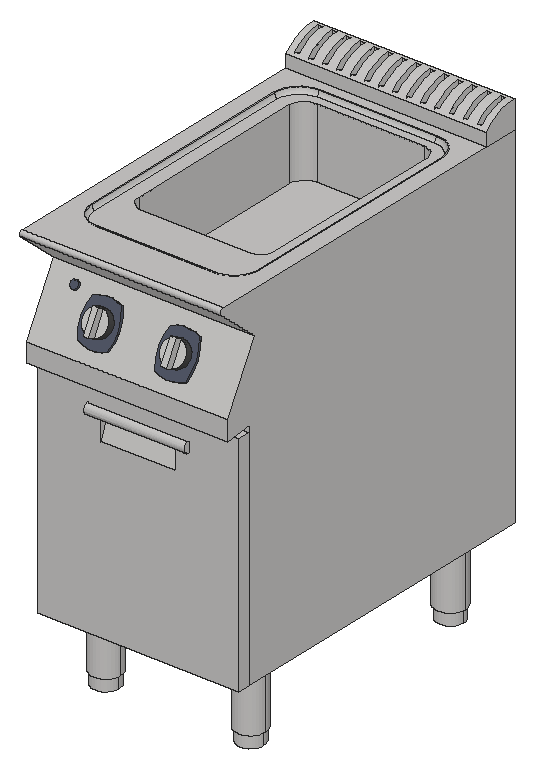
Revit family "QF_ELECTROLUXPROFESSIONAL_371090_E7PCGD1KF0", category Specialty Equipment, Revit 2018
Family settings
  Round Connector Dimension = Use Diameter
  Part Type = Normal
  Work Plane-Based = No
  Always vertical = Yes
  Cut with Voids When Loaded = No
  Shared = No
  Room Calculation Point = No
Parameters
  Width = 400 mm  # constant formula
  Weight in Pounds = 110  # constant formula
  Watts = 0 W
  Waste Water Discharge Temperature [instance] = -459.67 °F
  URL Cutsheet = "www.electrolux.com/foodservice"
  URL = "www.electrolux.com/foodservice"
  Type Mark [instance] = ""
  Status [instance] = ""
  Specification by User [instance] = ""
  Specification by Manufacturer = ""
  Show Logo [instance] = yes
  Show Clearance [instance] = yes
  Serial Number = ""
  Seismic Rating = ""
  SMACNA No = ""
  Revision Code [instance] = ""
  Plumbing Remarks [instance] = ""
  Plumbing Connection Type [instance] = ""
  Omniclass Number and Title = ""
  NAFEM Spec ID Number = ""
  Model = "371090"
  Mechanical Remarks [instance] = ""
  Mechanical Connection Type [instance] = ""
  Masterspec = ""
  Manufacturer = "ELECTROLUX"
  Item Number [instance] = ""
  Installed By [instance] = ""
  Indirect Waste Size = 25.4 mm  # 1"
  Indirect Waste Flow [instance] = 0 GPM
  Indirect Waste Connection Type [instance] = ""
  Indirect Waste Connection Height = 0 mm
  Identify Quantity as Lot [instance] = yes
  Height = 333 mm  # constant formula
  HP = "0 HP"
  Gas Size = 1/2"
  Gas RI Height [instance] = 0 mm
  Gas KW [instance] = 10.5
  Gas Input [instance] = 35794.5 Btu/h
  Gas Connection Height = 0 mm
  Furnished By [instance] = ""
  Foodservice Equipment Identifier [instance] = yes
  Direct Waste Size = 1"
  Description = "700XP Freestanding Gas Pasta Cooker 24.5 Lt. Well, 1 Well"
  Depth = 730 mm  # constant formula
  Cold Water Temperature Recommended [instance] = -459.67 °F
  Cold Water Size = 12.7 mm  # 1/2"
  Cold Water RI Height [instance] = 0 mm
  Cold Water Minimum Pressure [instance] = 0.00 psi
  Cold Water Maximum Pressure [instance] = 0.00 psi
  Cold Water Flow [instance] = 0 GPM
  Cold Water Consumption [instance] = ""
  Cold Water Connection Height = 0 mm
  CSI MasterFormat = ""
  CSI Master Format = ""
  Base Height [instance] = 150 mm  # constant formula
Reference planes
  plane 1 "BACK": y = 0
  plane 2: z = 0
  plane 3 "LEFT": x = 0
  plane 4 "RIGHT": x = 400
  plane 5 "FRONT": y = -730
  plane 6 "TOP": z = 905.238
  plane 7 "Center Y": x = 200
  plane 8 "Center X": y = -365
  plane 9 "BASE": z = 601
  plane 10 "TOP A": z = 851
  plane 11: y = -587.387
  plane 12: y = -90
  plane 13: z = 150
Forms (mm)
  Extrusion 1, solid, material "QF_Finishes_Stainless Steel"
    sketch origin (0, 0, 0) x (0, 1, 0) y (0, 0, 1)
      loop
        line (0, 851) -> (-725.027, 851)
        arc (-725.027, 851) -> (-730.893, 847.08) -> (-729.517, 840.16) r 6.35
        line (-729.517, 840.16) -> (-646.919, 767.809) -> (-713.522, 646.19) -> (-713.522, 608.09) -> (-660.15, 613.7) -> (-660.15, 150) -> (0, 150) -> (0, 851)
      loop
        line (-687.137, 601) -> (-687.137, 150) -> (-661.737, 150) -> (-661.737, 601) -> (-687.137, 601)
    from 0 to 400
  Extrusion 2, void
    sketch origin (0, 0, 851) x (-1, 0, 0) y (0, -1, 0)
      loop
        arc (-83.338, 90.124) -> (-47.982, 104.769) -> (-33.338, 140.124) r 50
        line (-33.338, 140.124) -> (-33.338, 595.265)
        arc (-33.338, 595.265) -> (-47.982, 630.62) -> (-83.338, 645.265) r 50
        line (-83.338, 645.265) -> (-316.662, 645.265)
        arc (-316.662, 645.265) -> (-352.018, 630.62) -> (-366.662, 595.265) r 50
        line (-366.662, 595.265) -> (-366.662, 140.124)
        arc (-366.662, 140.124) -> (-352.018, 104.769) -> (-316.662, 90.124) r 50
        line (-316.662, 90.124) -> (-83.338, 90.124)
    from 0 to -152.4
  Extrusion 3, solid, material "QF_Finishes_Clearance", visible <- "Show Clearance", detail levels coarse
    sketch origin (0, 0, 0) x (1, 0, 0) y (0, 1, 0)
      loop
        line (0, -731.377) -> (0, 0) -> (400, 0) -> (400, -731.377) -> (550.019, -731.377) -> (550.019, 150.019) -> (-150.019, 150.019) -> (-150.019, -731.377) -> (0, -731.377)
    from 0 to 905.237
  Revolve 4, solid, material "QF_Finishes_Stainless Steel"
    sketch origin (0, -587.387, 608.09) x (0, 0, 1) y (-1, 0, 0)
      loop
        line (-608.09, -56) -> (-458.09, -56) -> (-458.09, -26) -> (-583.09, -26) -> (-583.09, -29.75) -> (-608.09, -29.75) -> (-608.09, -56)
      axis (-608.09, -56) -> (-458.09, -56)
    angle from 0 to 360
  Revolve 5, solid, material "QF_Finishes_Stainless Steel"
    sketch origin (400.05, -587.387, 608.09) x (0, 0, 1) y (-1, 0, 0)
      loop
        line (-608.09, 56.05) -> (-608.09, 29.8) -> (-583.09, 29.8) -> (-583.09, 26.05) -> (-458.09, 26.05) -> (-458.09, 56.05) -> (-608.09, 56.05)
      axis (-608.09, 56.05) -> (-458.09, 56.05)
    angle from 0 to 360
  Revolve 6, solid, material "QF_Finishes_Stainless Steel"
    sketch origin (0, -90, 608.09) x (0, 0, 1) y (-1, 0, 0)
      loop
        line (-608.09, -56) -> (-458.09, -56) -> (-458.09, -26) -> (-583.09, -26) -> (-583.09, -29.75) -> (-608.09, -29.75) -> (-608.09, -56)
      axis (-608.09, -56) -> (-458.09, -56)
    angle from 0 to 360
  Revolve 7, solid, material "QF_Finishes_Stainless Steel"
    sketch origin (400.05, -90, 608.09) x (0, 0, 1) y (-1, 0, 0)
      loop
        line (-608.09, 56.05) -> (-608.09, 29.8) -> (-583.09, 29.8) -> (-583.09, 26.05) -> (-458.09, 26.05) -> (-458.09, 56.05) -> (-608.09, 56.05)
      axis (-608.09, 56.05) -> (-458.09, 56.05)
    angle from 0 to 360
  Extrusion 8, void
    sketch origin (200, 0, 0) x (0, 1, 0) y (0, 0, 1)
      loop
        line (-687.137, 541) -> (-687.137, 499.788) -> (-672.137, 541) -> (-687.137, 541)
    from -75 to 75
  Extrusion 9, solid, material "QF_Finishes_Stainless Steel"
    sketch origin (200, 0, 0) x (0, 1, 0) y (0, 0, 1)
      loop
        line (-687.137, 541) -> (-687.137, 561)
        arc (-687.137, 561) -> (-697.137, 551) -> (-687.137, 541) r 10
    from -100 to 100
  Extrusion 10, solid, material "QF_Finishes_Door Clearance", visible <- "Show Clearance", detail levels coarse
    sketch origin (0, 0, 851) x (-1, 0, 0) y (0, -1, 0)
      loop
        arc (0, 687.137) -> (-117.157, 969.98) -> (-400, 1087.137) r 400
        line (-400, 1087.137) -> (-400, 687.137) -> (0, 687.137)
    from -700.237 to -249.237
  Extrusion 11, solid, material "QF_Finishes_Stainless Steel"
    sketch origin (-77.88, -4572, 150) x (-1, 0, 0) y (0, -1, 0)
      loop
        circle (-142.88, -4069) r 6.35
      loop
        circle (-309.855, -3991) r 12.7
    from 0 to -12.7
  Extrusion 12, solid, material "QF_Finishes_Stainless Steel"
    sketch origin (-77.88, -4572, 851) x (-1, 0, 0) y (0, -1, 0)
      loop
        line (-111.217, -4431.876) -> (-111.217, -3976.735)
        arc (-111.217, -3976.735) -> (-125.862, -3941.38) -> (-161.217, -3926.735) r 50
        line (-161.217, -3926.735) -> (-394.542, -3926.735)
        arc (-394.542, -3926.735) -> (-429.897, -3941.38) -> (-444.542, -3976.735) r 50
        line (-444.542, -3976.735) -> (-444.542, -4431.876)
        arc (-444.542, -4431.876) -> (-429.897, -4467.231) -> (-394.542, -4481.876) r 50
        line (-394.542, -4481.876) -> (-161.217, -4481.876)
        arc (-161.217, -4481.876) -> (-125.862, -4467.231) -> (-111.217, -4431.876) r 50
      loop
        arc (-414.542, -4431.876) -> (-405.755, -4453.089) -> (-384.542, -4461.876) r 30
        line (-384.542, -4461.876) -> (-171.217, -4461.876)
        arc (-171.217, -4461.876) -> (-150.004, -4453.089) -> (-141.217, -4431.876) r 30
        line (-141.217, -4431.876) -> (-141.217, -4056.735)
        arc (-141.217, -4056.735) -> (-150.004, -4035.522) -> (-171.217, -4026.735) r 30
        line (-171.217, -4026.735) -> (-384.542, -4026.735)
        arc (-384.542, -4026.735) -> (-405.755, -4035.522) -> (-414.542, -4056.735) r 30
        line (-414.542, -4056.735) -> (-414.542, -4431.876)
    from -12.7 to -152.4
  Sweep 13, solid, material "QF_Finishes_Stainless Steel"
    path origin (0, 0, 851) x (-1, 0, 0) y (0, -1, 0)
      loop
        line (-33.338, 140.124) -> (-33.338, 595.265)
        arc (-33.338, 595.265) -> (-47.982, 630.62) -> (-83.338, 645.265) r 50
        line (-83.338, 645.265) -> (-316.662, 645.265)
        arc (-316.662, 645.265) -> (-352.018, 630.62) -> (-366.662, 595.265) r 50
        line (-366.662, 595.265) -> (-366.662, 140.124)
        arc (-366.662, 140.124) -> (-352.018, 104.769) -> (-316.662, 90.124) r 50
        line (-316.662, 90.124) -> (-83.338, 90.124)
        arc (-83.338, 90.124) -> (-47.982, 104.769) -> (-33.338, 140.124) r 50
    profile origin (33.338, -367.694, 851) x (1, 0, 0) y (0, 0, 1)
      loop
        line (0, 0) -> (0, -10.84) -> (5.055, -10.84)
        arc (5.055, -10.84) -> (1.326, -5.98) -> (0, 0) r 14.151
  Extrusion 14, solid, material "QF_Finishes_Stainless Steel"
    sketch origin (0, 0, 0.762) x (0, 1, 0) y (0, 0, 1)
      loop
        line (0, 850.238) -> (0, 905.237)
        arc (0, 905.237) -> (-38.078, 897.879) -> (-69.85, 875.637) r 93.057
        line (-69.85, 875.637) -> (-69.85, 850.238) -> (0, 850.238)
    from 0 to 400.05
  Extrusion 15, void
    sketch origin (0, 0, 851) x (-1, 0, 0) y (0, -1, 0)
      loop
        line (-13.453, 6.761) -> (-13.453, 63.911) -> (-22.749, 63.911) -> (-22.749, 6.761) -> (-13.453, 6.761)
    from 25.4 to 63.5
  Extrusion 16, void
    sketch origin (400.05, 0, 851) x (1, 0, 0) y (0, 1, 0)
      loop
        line (-13.503, -6.761) -> (-22.799, -6.761) -> (-22.799, -63.911) -> (-13.503, -63.911) -> (-13.503, -6.761)
    from 25.4 to 63.5
  Extrusion 17, void
    sketch origin (27.988, 0, 851) x (-1, 0, 0) y (0, -1, 0)
      loop
        line (-13.453, 6.761) -> (-13.453, 63.911) -> (-22.749, 63.911) -> (-22.749, 6.761) -> (-13.453, 6.761)
    from 25.4 to 63.5
  Extrusion 18, void
    sketch origin (55.977, 0, 851) x (-1, 0, 0) y (0, -1, 0)
      loop
        line (-13.453, 6.761) -> (-13.453, 63.911) -> (-22.749, 63.911) -> (-22.749, 6.761) -> (-13.453, 6.761)
    from 25.4 to 63.5
  Extrusion 19, void
    sketch origin (83.965, 0, 851) x (-1, 0, 0) y (0, -1, 0)
      loop
        line (-13.428, 6.761) -> (-13.428, 63.911) -> (-22.724, 63.911) -> (-22.724, 6.761) -> (-13.428, 6.761)
    from 25.4 to 63.5
  Extrusion 20, void
    sketch origin (111.953, 0, 851) x (-1, 0, 0) y (0, -1, 0)
      loop
        line (-13.428, 6.761) -> (-13.428, 63.911) -> (-22.724, 63.911) -> (-22.724, 6.761) -> (-13.428, 6.761)
    from 25.4 to 63.5
  Extrusion 21, void
    sketch origin (139.942, 0, 851) x (-1, 0, 0) y (0, -1, 0)
      loop
        line (-13.428, 6.761) -> (-13.428, 63.911) -> (-22.724, 63.911) -> (-22.724, 6.761) -> (-13.428, 6.761)
    from 25.4 to 63.5
  Extrusion 22, void
    sketch origin (167.93, 0, 851) x (-1, 0, 0) y (0, -1, 0)
      loop
        line (-13.428, 6.761) -> (-13.428, 63.911) -> (-22.724, 63.911) -> (-22.724, 6.761) -> (-13.428, 6.761)
    from 25.4 to 63.5
  Extrusion 23, void
    sketch origin (195.918, 0, 851) x (-1, 0, 0) y (0, -1, 0)
      loop
        line (-13.428, 6.761) -> (-13.428, 63.911) -> (-22.724, 63.911) -> (-22.724, 6.761) -> (-13.428, 6.761)
    from 25.4 to 63.5
  Extrusion 24, void
    sketch origin (223.907, 0, 851) x (-1, 0, 0) y (0, -1, 0)
      loop
        line (-13.428, 6.761) -> (-13.428, 63.911) -> (-22.724, 63.911) -> (-22.724, 6.761) -> (-13.428, 6.761)
    from 25.4 to 63.5
  Extrusion 25, void
    sketch origin (251.895, 0, 851) x (-1, 0, 0) y (0, -1, 0)
      loop
        line (-13.428, 6.761) -> (-13.428, 63.911) -> (-22.724, 63.911) -> (-22.724, 6.761) -> (-13.428, 6.761)
    from 25.4 to 63.5
  Extrusion 26, void
    sketch origin (279.884, 0, 851) x (-1, 0, 0) y (0, -1, 0)
      loop
        line (-13.403, 6.761) -> (-13.403, 63.911) -> (-22.699, 63.911) -> (-22.699, 6.761) -> (-13.403, 6.761)
    from 25.4 to 63.5
  Extrusion 27, void
    sketch origin (307.872, 0, 851) x (-1, 0, 0) y (0, -1, 0)
      loop
        line (-13.403, 6.761) -> (-13.403, 63.911) -> (-22.699, 63.911) -> (-22.699, 6.761) -> (-13.403, 6.761)
    from 25.4 to 63.5
  Extrusion 28, void
    sketch origin (335.86, 0, 851) x (-1, 0, 0) y (0, -1, 0)
      loop
        line (-13.403, 6.761) -> (-13.403, 63.911) -> (-22.699, 63.911) -> (-22.699, 6.761) -> (-13.403, 6.761)
    from 25.4 to 63.5
  Extrusion 29, solid, material "QF_Finishes_Navy Blue"
    sketch origin (114.675, -713.772, 646.19) x (0, 0.484042, 0.875045) y (-1, 0, 0)
      loop
        arc (105.947, -132.642) -> (68.865, -123.661) -> (31.333, -130.523) r 91.844
        arc (31.333, -130.523) -> (24.206, -161.165) -> (31.333, -191.808) r 69.441
        arc (31.333, -191.808) -> (68.854, -198.519) -> (105.947, -189.74) r 93.759
        arc (105.947, -189.74) -> (112.176, -161.191) -> (105.947, -132.642) r 68.543
    from 0 to 3.175
  Extrusion 30, solid, material "QF_Finishes_Stainless Steel"
    sketch origin (114.675, -716.55, 647.727) x (0, 0.484042, 0.875045) y (-1, 0, 0)
      loop
        circle (68.826, -160.963) r 25.4
    from 0 to 12.7
  Extrusion 31, solid, material "QF_Finishes_Stainless Steel"
    sketch origin (114.675, -727.663, 653.875) x (0, 0.484042, 0.875045) y (-1, 0, 0)
      loop
        arc (93.558, -166.749) -> (94.226, -160.963) -> (93.558, -155.177) r 25.4
        line (93.558, -155.177) -> (44.094, -155.177)
        arc (44.094, -155.177) -> (43.426, -160.963) -> (44.094, -166.749) r 25.4
        line (44.094, -166.749) -> (93.558, -166.749)
    from 0 to 12.7
  Extrusion 32, solid, material "QF_Finishes_Navy Blue"
    sketch origin (-40.325, -713.772, 646.19) x (0, 0.484042, 0.875045) y (-1, 0, 0)
      loop
        arc (105.947, -132.642) -> (68.865, -123.661) -> (31.333, -130.523) r 91.844
        arc (31.333, -130.523) -> (24.206, -161.165) -> (31.333, -191.808) r 69.441
        arc (31.333, -191.808) -> (68.854, -198.519) -> (105.947, -189.74) r 93.759
        arc (105.947, -189.74) -> (112.176, -161.191) -> (105.947, -132.642) r 68.543
      loop
        circle (110.564, -93.816) r 8
    from 0 to 3.175
  Extrusion 33, solid, material "QF_Finishes_Stainless Steel"
    sketch origin (-40.325, -716.55, 647.727) x (0, 0.484042, 0.875045) y (-1, 0, 0)
      loop
        circle (68.826, -160.963) r 25.4
    from 0 to 12.7
  Extrusion 34, solid, material "QF_Finishes_Stainless Steel"
    sketch origin (-40.325, -727.663, 653.875) x (0, 0.484042, 0.875045) y (-1, 0, 0)
      loop
        arc (93.558, -166.749) -> (94.226, -160.963) -> (93.558, -155.177) r 25.4
        line (93.558, -155.177) -> (44.094, -155.177)
        arc (44.094, -155.177) -> (43.426, -160.963) -> (44.094, -166.749) r 25.4
        line (44.094, -166.749) -> (93.558, -166.749)
    from 0 to 12.7
  Extrusion 35, solid, material "QF_Finishes_Stainless Steel"
    sketch origin (-77.88, -4572, 150) x (-1, 0, 0) y (0, -1, 0)
      loop
        circle (-412.88, -4071) r 6.35
    from 50 to 48.4
Cuts and joins
  Extrusion 2, Extrusion 8 cuts Extrusion 1
  Extrusion 8, Extrusion 15, Extrusion 16, Extrusion 17, Extrusion 18, Extrusion 19, Extrusion 20, Extrusion 21, Extrusion 22, Extrusion 23, Extrusion 24, Extrusion 25, Extrusion 26, Extrusion 27, Extrusion 28 cuts Extrusion 3
  Extrusion 15, Extrusion 16, Extrusion 17, Extrusion 18, Extrusion 19, Extrusion 20, Extrusion 21, Extrusion 22, Extrusion 23, Extrusion 24, Extrusion 25, Extrusion 26, Extrusion 27, Extrusion 28 cuts Extrusion 14
Lines and regions (mm)
  symbolic lines, style "QF-Clearances", visible <- "Show Clearance", detail levels coarse
    curve 1: line (-150.019, 150.019, 851) -> (-150.019, -731.377, 851)
    curve 2: line (550.019, 150.019, 851) -> (-150.019, 150.019, 851)
    curve 3: line (550.019, -731.377, 851) -> (550.019, 150.019, 851)
  symbolic lines
    curve 4: line (0, 0, 851) -> (400, 0, 851)
    curve 5: line (0, -730, 851) -> (0, 0, 851)
    curve 6: line (400, 0, 851) -> (400, -730, 851)
    curve 7: line (0, -69.85, 851) -> (0, -63.012, 851)
    curve 8: line (400, -730, 851) -> (0, -730, 851)
    curve 11: line (93.313, -110.124, 851) -> (306.663, -110.124, 851)
    curve 12: arc (306.663, -110.124, 851) -> (327.876, -118.911, 851) -> (336.663, -140.124, 851) r 30
    curve 13: line (336.663, -140.124, 851) -> (336.663, -515.265, 851)
    curve 14: arc (336.663, -515.265, 851) -> (327.876, -536.478, 851) -> (306.663, -545.265, 851) r 30
    curve 15: arc (93.338, -545.265, 851) -> (72.124, -536.478, 851) -> (63.338, -515.265, 851) r 30
    curve 16: line (63.338, -515.265, 851) -> (63.338, -140.099, 851)
    curve 17: arc (63.338, -140.099, 851) -> (72.117, -118.904, 851) -> (93.313, -110.124, 851) r 29.975
    curve 18: arc (83.313, -95.179, 851) -> (51.549, -108.336, 851) -> (38.392, -140.099, 851) r 44.92
    curve 19: line (38.392, -140.099, 851) -> (38.392, -595.265, 851)
    curve 20: arc (38.392, -595.265, 851) -> (51.556, -627.046, 851) -> (83.338, -640.21, 851) r 44.945
    curve 21: arc (316.663, -640.21, 851) -> (348.444, -627.046, 851) -> (361.608, -595.265, 851) r 44.945
    curve 22: line (361.608, -595.265, 851) -> (361.608, -140.124, 851)
    curve 23: arc (361.608, -140.124, 851) -> (348.444, -108.343, 851) -> (316.663, -95.179, 851) r 44.945
    curve 24: arc (83.313, -90.124, 851) -> (47.975, -104.761, 851) -> (33.338, -140.099, 851) r 49.975
    curve 25: line (33.338, -140.099, 851) -> (33.338, -595.265, 851)
    curve 26: arc (33.338, -595.265, 851) -> (47.982, -630.62, 851) -> (83.338, -645.265, 851) r 50
    curve 27: arc (316.663, -645.265, 851) -> (352.018, -630.62, 851) -> (366.663, -595.265, 851) r 50
    curve 28: line (366.663, -595.265, 851) -> (366.663, -140.124, 851)
    curve 29: arc (366.663, -140.124, 851) -> (352.018, -104.769, 851) -> (316.663, -90.124, 851) r 50
    curve 30: line (316.663, -90.124, 851) -> (79.418, -90.124, 851)
    curve 31: line (83.338, -645.265, 851) -> (316.663, -645.265, 851)
    curve 32: line (83.338, -640.21, 851) -> (316.663, -640.21, 851)
    curve 33: line (306.663, -545.265, 851) -> (93.338, -545.265, 851)
    curve 34: line (316.663, -95.179, 851) -> (83.313, -95.179, 851)
    curve 35: line (0, -69.85, 851) -> (400, -69.85, 851)
    curve 36: line (22.724, -6.761, 851) -> (22.724, -63.911, 851)
    curve 37: line (22.724, -63.911, 851) -> (13.428, -63.911, 851)
    curve 38: line (13.428, -63.911, 851) -> (13.428, -6.761, 851)
    curve 39: line (13.428, -6.761, 851) -> (22.724, -6.761, 851)
    curve 40: line (386.547, -6.761, 851) -> (386.547, -63.911, 851)
    curve 41: line (386.547, -63.911, 851) -> (377.251, -63.911, 851)
    curve 42: line (377.251, -63.911, 851) -> (377.251, -6.761, 851)
    curve 43: line (377.251, -6.761, 851) -> (386.547, -6.761, 851)
    curve 44: line (50.712, -6.761, 851) -> (50.712, -63.911, 851)
    curve 45: line (50.712, -63.911, 851) -> (41.416, -63.911, 851)
    curve 46: line (41.416, -63.911, 851) -> (41.416, -6.761, 851)
    curve 47: line (41.416, -6.761, 851) -> (50.712, -6.761, 851)
    curve 48: line (78.7, -6.761, 851) -> (78.7, -63.911, 851)
    curve 49: line (78.7, -63.911, 851) -> (69.405, -63.911, 851)
    curve 50: line (69.405, -63.911, 851) -> (69.405, -6.761, 851)
    curve 51: line (69.405, -6.761, 851) -> (78.7, -6.761, 851)
    curve 52: line (106.689, -6.761, 851) -> (106.689, -63.911, 851)
    curve 53: line (106.689, -63.911, 851) -> (97.393, -63.911, 851)
    curve 54: line (97.393, -63.911, 851) -> (97.393, -6.761, 851)
    curve 55: line (97.393, -6.761, 851) -> (106.689, -6.761, 851)
    curve 56: line (134.677, -6.761, 851) -> (134.677, -63.911, 851)
    curve 57: line (134.677, -63.911, 851) -> (125.381, -63.911, 851)
    curve 58: line (125.381, -63.911, 851) -> (125.381, -6.761, 851)
    curve 59: line (125.381, -6.761, 851) -> (134.677, -6.761, 851)
    curve 60: line (162.665, -6.761, 851) -> (162.665, -63.911, 851)
    curve 61: line (162.665, -63.911, 851) -> (153.37, -63.911, 851)
    curve 62: line (153.37, -63.911, 851) -> (153.37, -6.761, 851)
    curve 63: line (153.37, -6.761, 851) -> (162.665, -6.761, 851)
    curve 64: line (190.654, -6.761, 851) -> (190.654, -63.911, 851)
    curve 65: line (190.654, -63.911, 851) -> (181.358, -63.911, 851)
    curve 66: line (181.358, -63.911, 851) -> (181.358, -6.761, 851)
    curve 67: line (181.358, -6.761, 851) -> (190.654, -6.761, 851)
    curve 68: line (218.642, -6.761, 851) -> (218.642, -63.911, 851)
    curve 69: line (218.642, -63.911, 851) -> (209.346, -63.911, 851)
    curve 70: line (209.346, -63.911, 851) -> (209.346, -6.761, 851)
    curve 71: line (209.346, -6.761, 851) -> (218.642, -6.761, 851)
    curve 72: line (246.605, -6.761, 851) -> (246.605, -63.911, 851)
    curve 73: line (246.605, -63.911, 851) -> (237.31, -63.911, 851)
    curve 74: line (237.31, -63.911, 851) -> (237.31, -6.761, 851)
    curve 75: line (237.31, -6.761, 851) -> (246.605, -6.761, 851)
    curve 76: line (274.594, -6.761, 851) -> (274.594, -63.911, 851)
    curve 77: line (274.594, -63.911, 851) -> (265.298, -63.911, 851)
    curve 78: line (265.298, -63.911, 851) -> (265.298, -6.761, 851)
    curve 79: line (265.298, -6.761, 851) -> (274.594, -6.761, 851)
    curve 80: line (302.582, -6.761, 851) -> (302.582, -63.911, 851)
    curve 81: line (302.582, -63.911, 851) -> (293.286, -63.911, 851)
    curve 82: line (293.286, -63.911, 851) -> (293.286, -6.761, 851)
    curve 83: line (293.286, -6.761, 851) -> (302.582, -6.761, 851)
    curve 84: line (330.57, -6.761, 851) -> (330.57, -63.911, 851)
    curve 85: line (330.57, -63.911, 851) -> (321.275, -63.911, 851)
    curve 86: line (321.275, -63.911, 851) -> (321.275, -6.761, 851)
    curve 87: line (321.275, -6.761, 851) -> (330.57, -6.761, 851)
    curve 88: line (358.559, -6.761, 851) -> (358.559, -63.911, 851)
    curve 89: line (358.559, -63.911, 851) -> (349.263, -63.911, 851)
    curve 90: line (349.263, -63.911, 851) -> (349.263, -6.761, 851)
    curve 91: line (349.263, -6.761, 851) -> (358.559, -6.761, 851)
  symbolic lines, style "QF-Door Swings"
    curve 9: arc (2.303, -730, 851) -> (19.743, -811.254, 851) -> (53.597, -887.15, 851) r 400
    curve 10: line (53.597, -887.15, 851) -> (325.76, -730, 851)
Dimensions and locks
  equal spacing: plane 3 "LEFT", plane 7 "Center Y", plane 4 "RIGHT"
  "Width": plane 3 "LEFT" to plane 4 "RIGHT"
  equal spacing: plane 5 "FRONT", plane 8 "Center X", plane 1 "BACK"
  "Depth": plane 5 "FRONT" to plane 1 "BACK"
  plane 1 "BACK" to plane 5 "FRONT" = 730 mm
  locked: plane 10 "TOP A" to plane 9 "BASE" at 250
  "Base Height": plane 13 to level
  plane 10 "TOP A" to plane 13 = 701 mm
  Extrusion 11 sketch curve to plane 1 "BACK" = 503 mm
  plane 3 "LEFT" to Extrusion 11 sketch curve = 65 mm
  Extrusion 11 sketch curve to plane 1 "BACK" = 581 mm
  Extrusion 35 sketch curve to plane 1 "BACK" = 501 mm
  aligned and locked: level to plane 2
  aligned and locked: plane 4 "RIGHT" to Extrusion 1
  aligned and locked: plane 6 "TOP" to Extrusion 3
Automatic sketch dimensions
  Extrusion 1 sketch curve to plane 10 "TOP A" = 0 mm
  Extrusion 1 sketch curve to plane 13 = 0 mm  (x2)
  Extrusion 1 sketch curve to plane 9 "BASE" = 0 mm
  Extrusion 1 sketch curve to plane 1 "BACK" = 0 mm
  plane 11 to Extrusion 1 sketch curve = 59.531 mm
  plane 9 "BASE" to Extrusion 1 sketch curve = 12.7 mm
  Extrusion 1 sketch curve to plane 5 "FRONT" = 69.85 mm
  Extrusion 1 sketch curve to Extrusion 1 sketch curve = 1.588 mm
  Extrusion 1 sketch curve to Extrusion 1 sketch curve = 25.4 mm
  Extrusion 1 sketch curve to plane 5 "FRONT" = 16.478 mm
  Extrusion 1 sketch curve to plane 5 "FRONT" = 4.973 mm
  Extrusion 1 sketch curve to plane 5 "FRONT" = 0.483 mm
  plane 9 "BASE" to Extrusion 1 sketch curve = 7.09 mm
  Extrusion 1 sketch curve to Extrusion 1 sketch curve = 38.1 mm
  Extrusion 1 sketch curve to plane 10 "TOP A" = 83.191 mm
  Extrusion 1 sketch curve to plane 10 "TOP A" = 10.84 mm
  plane 11 to Extrusion 2 sketch curve = 7.877 mm
  Extrusion 2 sketch curve to plane 4 "RIGHT" = 33.337 mm
  plane 11 to Extrusion 2 sketch curve = 57.877 mm
  plane 12 to Extrusion 2 sketch curve = 0.124 mm
  Extrusion 2 sketch curve to Extrusion 2 sketch curve = 50 mm
  plane 3 "LEFT" to Extrusion 2 sketch curve = 83.338 mm  (x2)
  plane 3 "LEFT" to Extrusion 2 sketch curve = 33.338 mm
  plane 1 "BACK" to Extrusion 3 sketch curve = 0 mm
  Extrusion 3 sketch curve to plane 3 "LEFT" = 0 mm
  Extrusion 3 sketch curve to plane 4 "RIGHT" = 0 mm
  Extrusion 3 sketch curve to plane 3 "LEFT" = 150.019 mm
  plane 5 "FRONT" to Extrusion 3 sketch curve = 1.377 mm  (x2)
  plane 4 "RIGHT" to Extrusion 3 sketch curve = 150.019 mm
  Extrusion 3 sketch curve to plane 1 "BACK" = 150.019 mm
  curve 18 to curve 24 = 0 mm  (x2)
  curve 20 to curve 26 = 0 mm  (x2)
  curve 21 to curve 27 = 0 mm  (x2)
  curve 23 to curve 29 = 0 mm  (x2)
  curve 6 to plane 4 "RIGHT" = 0 mm
  curve 9 to plane 4 "RIGHT" = 0 mm
  plane 5 "FRONT" to curve 10 = 0 mm
  curve 35 to plane 3 "LEFT" = 0 mm
  curve 7 to plane 3 "LEFT" = 0 mm
  plane 1 "BACK" to curve 5 = 0 mm
  plane 4 "RIGHT" to curve 3 = 150.019 mm
  curve 40 to plane 4 "RIGHT" = 13.453 mm
  curve 40 to curve 43 = 9.296 mm
  plane 11 to curve 27 = 7.877 mm
  curve 27 to plane 4 "RIGHT" = 33.337 mm
  curve 29 to curve 23 = 5.055 mm
  curve 41 to curve 88 = 18.693 mm
  curve 88 to curve 90 = 9.296 mm
  curve 22 to curve 12 = 24.945 mm
  curve 89 to curve 85 = 18.693 mm
  curve 10 to plane 4 "RIGHT" = 74.24 mm
  curve 84 to curve 87 = 9.296 mm
  plane 11 to curve 27 = 57.877 mm
  curve 12 to curve 29 = 20 mm
  curve 23 to curve 12 = 10 mm
  curve 14 to curve 14 = 30 mm
  curve 85 to curve 81 = 18.693 mm
  curve 80 to curve 82 = 9.296 mm
  curve 81 to curve 77 = 18.693 mm
  curve 76 to curve 77 = 9.296 mm
  plane 1 "BACK" to curve 72 = 6.761 mm
  curve 78 to curve 72 = 18.693 mm
  curve 72 to curve 74 = 9.296 mm
  plane 1 "BACK" to curve 71 = 6.761 mm
  plane 7 "Center Y" to curve 71 = 18.642 mm
  curve 68 to curve 70 = 9.296 mm
  curve 65 to plane 7 "Center Y" = 9.346 mm
  curve 64 to curve 67 = 9.296 mm
  curve 65 to curve 60 = 18.693 mm
  curve 60 to curve 62 = 9.296 mm
  plane 1 "BACK" to curve 59 = 6.761 mm
  curve 62 to curve 59 = 18.693 mm
  curve 56 to curve 59 = 9.296 mm
  plane 1 "BACK" to curve 52 = 6.761 mm
  curve 58 to curve 52 = 18.693 mm
  curve 52 to curve 54 = 9.296 mm
  curve 33 to plane 11 = 42.123 mm
  plane 3 "LEFT" to curve 33 = 93.338 mm
  plane 12 to curve 11 = 20.124 mm
  curve 53 to curve 11 = 4.08 mm
  curve 17 to curve 24 = 10 mm
  plane 3 "LEFT" to curve 32 = 83.338 mm
  plane 12 to curve 30 = 0.124 mm
  curve 24 to curve 30 = 3.895 mm
  plane 1 "BACK" to curve 51 = 6.761 mm
  curve 54 to curve 51 = 18.693 mm
  curve 48 to curve 49 = 9.296 mm
  curve 15 to curve 15 = 30 mm
  plane 3 "LEFT" to curve 9 = 53.597 mm
  plane 1 "BACK" to curve 44 = 6.761 mm
  curve 50 to curve 44 = 18.693 mm
  curve 44 to curve 46 = 9.296 mm
  curve 17 to curve 19 = 24.945 mm
  plane 1 "BACK" to curve 36 = 6.761 mm
  curve 46 to curve 36 = 18.693 mm
  curve 36 to curve 38 = 9.296 mm
  curve 9 to curve 5 = 2.303 mm
  plane 5 "FRONT" to curve 1 = 1.377 mm
  curve 1 to plane 3 "LEFT" = 150.019 mm
  curve 2 to plane 1 "BACK" = 150.019 mm
  plane 1 "BACK" to curve 88 = 6.761 mm
  plane 1 "BACK" to curve 87 = 6.761 mm
  plane 1 "BACK" to curve 83 = 6.761 mm
  plane 1 "BACK" to curve 79 = 6.761 mm
  plane 1 "BACK" to curve 67 = 6.761 mm
  plane 1 "BACK" to curve 63 = 6.761 mm
  plane 1 "BACK" to curve 43 = 6.761 mm
  curve 7 to plane 12 = 26.988 mm
  curve 89 to plane 12 = 26.089 mm
  curve 61 to plane 12 = 26.089 mm
  curve 58 to plane 12 = 26.089 mm
  curve 86 to plane 12 = 26.089 mm
  curve 82 to plane 12 = 26.089 mm
  curve 64 to plane 12 = 26.089 mm
  curve 7 to curve 36 = 0.898 mm
  curve 78 to plane 12 = 26.089 mm
  curve 40 to plane 12 = 26.089 mm
  curve 74 to plane 12 = 26.089 mm
  curve 44 to plane 12 = 26.089 mm
  curve 64 to curve 70 = 0 mm
  curve 48 to plane 12 = 26.089 mm
  curve 52 to curve 57 = 0 mm
  curve 40 to curve 35 = 5.939 mm
  curve 7 to curve 35 = 0 mm
  curve 9 to plane 5 "FRONT" = 42.863 mm
  plane 5 "FRONT" to curve 3 = 1.377 mm
  Revolve 4 sketch curve to level = 0 mm
  Revolve 4 sketch curve to plane 13 = 0 mm  (x2)
  level to Revolve 4 sketch curve = 25 mm
  Revolve 4 sketch curve to Revolve 4 sketch curve = 20 mm
  plane 3 "LEFT" to Revolve 4 sketch curve = 56 mm
  Revolve 4 sketch curve to Revolve 4 sketch curve = 0 mm
  plane 3 "LEFT" to Revolve 4 sketch curve = 29.75 mm
  plane 3 "LEFT" to Revolve 4 sketch curve = 26 mm
  Revolve 5 sketch curve to level = 0 mm
  Revolve 5 sketch curve to plane 13 = 0 mm  (x2)
  level to Revolve 5 sketch curve = 25 mm
  Revolve 5 sketch curve to Revolve 5 sketch curve = 20 mm
  Revolve 5 sketch curve to plane 4 "RIGHT" = 26 mm
  Revolve 5 sketch curve to Revolve 5 sketch curve = 3.75 mm
  Revolve 5 sketch curve to Revolve 5 sketch curve = 30 mm
  Revolve 5 sketch curve to Revolve 5 sketch curve = 0 mm
  Revolve 6 sketch curve to level = 0 mm
  Revolve 6 sketch curve to plane 13 = 0 mm  (x2)
  level to Revolve 6 sketch curve = 25 mm
  Revolve 6 sketch curve to Revolve 6 sketch curve = 20 mm
  plane 3 "LEFT" to Revolve 6 sketch curve = 56 mm
  Revolve 6 sketch curve to Revolve 6 sketch curve = 0 mm
  plane 3 "LEFT" to Revolve 6 sketch curve = 29.75 mm
  plane 3 "LEFT" to Revolve 6 sketch curve = 26 mm
  Revolve 7 sketch curve to level = 0 mm
  Revolve 7 sketch curve to plane 13 = 0 mm  (x2)
  level to Revolve 7 sketch curve = 25 mm
  Revolve 7 sketch curve to Revolve 7 sketch curve = 20 mm
  Revolve 7 sketch curve to plane 4 "RIGHT" = 26 mm
  Revolve 7 sketch curve to Revolve 7 sketch curve = 3.75 mm
  Revolve 7 sketch curve to Revolve 7 sketch curve = 30 mm
  Revolve 7 sketch curve to Revolve 7 sketch curve = 0 mm
  Extrusion 8 sketch curve to plane 5 "FRONT" = 42.863 mm
  Extrusion 8 sketch curve to Extrusion 8 sketch curve = 15 mm
  Extrusion 8 sketch curve to plane 9 "BASE" = 101.212 mm
  Extrusion 8 sketch curve to Extrusion 8 sketch curve = 41.212 mm
  Extrusion 9 sketch curve to plane 5 "FRONT" = 42.863 mm
  Extrusion 9 sketch curve to plane 9 "BASE" = 60 mm
  Extrusion 9 sketch curve to Extrusion 9 sketch curve = 10 mm
  Extrusion 10 sketch curve to plane 4 "RIGHT" = 0 mm
  Extrusion 10 sketch curve to plane 3 "LEFT" = 0 mm
  Extrusion 10 sketch curve to plane 5 "FRONT" = 42.863 mm
  Extrusion 12 sketch curve to plane 4 "RIGHT" = 33.337 mm
  Extrusion 12 sketch curve to plane 4 "RIGHT" = 63.337 mm
  Extrusion 12 sketch curve to Extrusion 12 sketch curve = 20 mm
  plane 11 to Extrusion 12 sketch curve = 7.877 mm
  Extrusion 12 sketch curve to Extrusion 12 sketch curve = 50 mm
  Extrusion 12 sketch curve to Extrusion 12 sketch curve = 30 mm  (x3)
  Extrusion 12 sketch curve to Extrusion 12 sketch curve = 10 mm  (x2)
  Extrusion 12 sketch curve to plane 11 = 42.123 mm
  plane 3 "LEFT" to Extrusion 12 sketch curve = 93.338 mm  (x2)
  plane 12 to Extrusion 12 sketch curve = 50.124 mm
  plane 3 "LEFT" to Extrusion 12 sketch curve = 83.338 mm
  plane 12 to Extrusion 12 sketch curve = 0.124 mm
  plane 11 to Sweep 13 sketch curve = 7.877 mm  (x2)
  Sweep 13 sketch curve to plane 4 "RIGHT" = 33.337 mm
  plane 11 to Sweep 13 sketch curve = 57.877 mm
  plane 12 to Sweep 13 sketch curve = 0.124 mm
  Sweep 13 sketch curve to Sweep 13 sketch curve = 50 mm  (x2)
  plane 3 "LEFT" to Sweep 13 sketch curve = 83.338 mm
  profile plane to Sweep 13 sketch curve = 0 mm
  Sweep 13 sketch curve to plane 10 "TOP A" = 0 mm
  Sweep 13 sketch curve to profile plane = 5.055 mm
  Sweep 13 sketch curve to profile plane = 14.151 mm
  Extrusion 14 sketch curve to plane 10 "TOP A" = 0 mm
  Extrusion 14 sketch curve to plane 1 "BACK" = 0 mm
  plane 1 "BACK" to Extrusion 14 sketch curve = 1.769 mm
  Extrusion 14 sketch curve to plane 12 = 20.15 mm
  Extrusion 14 sketch curve to plane 10 "TOP A" = 38.04 mm
  plane 10 "TOP A" to Extrusion 14 sketch curve = 25.4 mm
  plane 1 "BACK" to Extrusion 15 sketch curve = 6.761 mm
  plane 3 "LEFT" to Extrusion 15 sketch curve = 22.749 mm
  Extrusion 15 sketch curve to Extrusion 15 sketch curve = 9.296 mm
  Extrusion 15 sketch curve to plane 12 = 26.089 mm
  Extrusion 16 sketch curve to plane 1 "BACK" = 6.761 mm
  plane 4 "RIGHT" to Extrusion 16 sketch curve = 22.749 mm
  Extrusion 16 sketch curve to Extrusion 16 sketch curve = 9.296 mm
  plane 12 to Extrusion 16 sketch curve = 26.089 mm
  plane 1 "BACK" to Extrusion 17 sketch curve = 6.761 mm
  plane 3 "LEFT" to Extrusion 17 sketch curve = 50.737 mm
  Extrusion 17 sketch curve to Extrusion 17 sketch curve = 9.296 mm
  Extrusion 17 sketch curve to plane 12 = 26.089 mm
  plane 1 "BACK" to Extrusion 18 sketch curve = 6.761 mm
  plane 3 "LEFT" to Extrusion 18 sketch curve = 78.725 mm
  Extrusion 18 sketch curve to Extrusion 18 sketch curve = 9.296 mm
  Extrusion 18 sketch curve to plane 12 = 26.089 mm
  plane 1 "BACK" to Extrusion 19 sketch curve = 6.761 mm
  Extrusion 19 sketch curve to plane 7 "Center Y" = 93.311 mm
  Extrusion 19 sketch curve to Extrusion 19 sketch curve = 9.296 mm
  Extrusion 19 sketch curve to plane 12 = 26.089 mm
  plane 1 "BACK" to Extrusion 20 sketch curve = 6.761 mm
  Extrusion 20 sketch curve to plane 7 "Center Y" = 65.323 mm
  Extrusion 20 sketch curve to Extrusion 20 sketch curve = 9.296 mm
  Extrusion 20 sketch curve to plane 12 = 26.089 mm
  plane 1 "BACK" to Extrusion 21 sketch curve = 6.761 mm
  Extrusion 21 sketch curve to plane 7 "Center Y" = 37.335 mm
  Extrusion 21 sketch curve to Extrusion 21 sketch curve = 9.296 mm
  Extrusion 21 sketch curve to plane 12 = 26.089 mm
  Extrusion 22 sketch curve to plane 7 "Center Y" = 9.346 mm
  Extrusion 22 sketch curve to Extrusion 22 sketch curve = 9.296 mm
  plane 1 "BACK" to Extrusion 22 sketch curve = 6.761 mm
  Extrusion 22 sketch curve to plane 12 = 26.089 mm
  plane 1 "BACK" to Extrusion 23 sketch curve = 6.761 mm
  plane 7 "Center Y" to Extrusion 23 sketch curve = 18.642 mm
  Extrusion 23 sketch curve to Extrusion 23 sketch curve = 9.296 mm
  Extrusion 23 sketch curve to plane 12 = 26.089 mm
  plane 1 "BACK" to Extrusion 24 sketch curve = 6.761 mm
  plane 7 "Center Y" to Extrusion 24 sketch curve = 46.63 mm
  Extrusion 24 sketch curve to Extrusion 24 sketch curve = 9.296 mm
  Extrusion 24 sketch curve to plane 12 = 26.089 mm
  plane 1 "BACK" to Extrusion 25 sketch curve = 6.761 mm
  plane 7 "Center Y" to Extrusion 25 sketch curve = 74.619 mm
  Extrusion 25 sketch curve to Extrusion 25 sketch curve = 9.296 mm
  Extrusion 25 sketch curve to plane 12 = 26.089 mm
  plane 1 "BACK" to Extrusion 26 sketch curve = 6.761 mm
  Extrusion 26 sketch curve to plane 4 "RIGHT" = 97.418 mm
  Extrusion 26 sketch curve to Extrusion 26 sketch curve = 9.296 mm
  Extrusion 26 sketch curve to plane 12 = 26.089 mm
  plane 1 "BACK" to Extrusion 27 sketch curve = 6.761 mm
  Extrusion 27 sketch curve to plane 4 "RIGHT" = 69.43 mm
  Extrusion 27 sketch curve to Extrusion 27 sketch curve = 9.296 mm
  Extrusion 27 sketch curve to plane 12 = 26.089 mm
  plane 1 "BACK" to Extrusion 28 sketch curve = 6.761 mm
  Extrusion 28 sketch curve to plane 4 "RIGHT" = 41.441 mm
  Extrusion 28 sketch curve to Extrusion 28 sketch curve = 9.296 mm
  Extrusion 28 sketch curve to plane 12 = 26.089 mm
  plane 7 "Center Y" to Extrusion 29 sketch curve = 45.198 mm
  Extrusion 29 sketch curve to Extrusion 29 sketch curve = 0 mm
  Extrusion 29 sketch curve to Extrusion 29 sketch curve = 12.3 mm  (x3)
  Extrusion 29 sketch curve to Extrusion 29 sketch curve = 34.925 mm  (x2)
  plane 7 "Center Y" to Extrusion 29 sketch curve = 19.471 mm
  Extrusion 29 sketch curve to Extrusion 29 sketch curve = 50.015 mm
  Extrusion 29 sketch curve to Extrusion 29 sketch curve = 27.846 mm
  Extrusion 29 sketch curve to Extrusion 29 sketch curve = 28.523 mm
  Extrusion 31 sketch curve to Extrusion 31 sketch curve = 24.732 mm
  Extrusion 31 sketch curve to Extrusion 31 sketch curve = 0 mm
  Extrusion 34 sketch curve to Extrusion 34 sketch curve = 24.732 mm
  Extrusion 34 sketch curve to Extrusion 34 sketch curve = 0 mm
  Extrusion 32 sketch curve to plane 7 "Center Y" = 48.517 mm
  Extrusion 32 sketch curve to Extrusion 32 sketch curve = 0 mm
  Extrusion 32 sketch curve to Extrusion 32 sketch curve = 12.3 mm  (x3)
  Extrusion 32 sketch curve to Extrusion 32 sketch curve = 34.925 mm  (x2)
  Extrusion 32 sketch curve to plane 7 "Center Y" = 24.858 mm
  Extrusion 32 sketch curve to Extrusion 32 sketch curve = 50.015 mm
  Extrusion 32 sketch curve to Extrusion 32 sketch curve = 4.617 mm
  Extrusion 32 sketch curve to Extrusion 32 sketch curve = 25.727 mm
  Extrusion 32 sketch curve to Extrusion 32 sketch curve = 30.616 mm
  Extrusion 32 sketch curve to Extrusion 32 sketch curve = 38.826 mm
  plane 7 "Center Y" to Extrusion 11 sketch curve = 31.975 mm
  Extrusion 35 sketch curve to plane 4 "RIGHT" = 58.65 mm
  Extrusion 35 sketch curve to Extrusion 35 sketch curve = 6.35 mm
  radius of Extrusion 30 sketch curve = 25.4 mm
  radius of Extrusion 31 sketch curve to Extrusion 30 = 0 mm  (x2)
  radius of Extrusion 33 sketch curve = 25.4 mm
  radius of Extrusion 34 sketch curve to Extrusion 33 = 0 mm  (x2)
  radius of Extrusion 32 sketch curve = 8 mm
  radius of Extrusion 11 sketch curve = 6.35 mm
  radius of Extrusion 11 sketch curve = 12.7 mm
Connectors
  piping at (231.975, -581, 137.3), diameter 25.4
    settings: on Extrusion 11, index 2, connector inside diameter 1", connector length 0 mm, flow factor 0, pipe flow 0 GPM, pressure drop 0.00 psi, fitting loss kfactor 0, connector angle 0.00°, fixture units 0, engagement length 0 mm, angle of deflection 0.00°, flow configuration 1, flow direction 2, fitting loss method 0, system type 16, joint type 0, gender type 0, connector reference index -1, connector utility 0, adjustable connector no, is connector primary yes, connector description "Drain"
  piping at (335, -501, 198.4), diameter 12.8
    settings: on Extrusion 35, index 4, connector inside diameter 0.50394", connector length 0 mm, flow factor 0, pipe flow 0 GPM, pressure drop 0.00 psi, fitting loss kfactor 0, connector angle 0.00°, fixture units 0, engagement length 0 mm, angle of deflection 0.00°, flow configuration 1, flow direction 1, fitting loss method 0, system type 20, joint type 0, gender type 0, connector reference index -1, connector utility 0, adjustable connector no, is connector primary no, connector description "Cold Water Inlet"
  piping at (65, -503, 137.3), diameter 12.8
    settings: on Extrusion 11, index 5, connector inside diameter 0.50394", connector length 0 mm, flow factor 0, pipe flow 0 GPM, pressure drop 0.00 psi, fitting loss kfactor 0, connector angle 0.00°, fixture units 0, engagement length 0 mm, angle of deflection 0.00°, flow configuration 1, flow direction 1, fitting loss method 0, system type 7, joint type 0, gender type 0, connector reference index -1, connector utility 0, adjustable connector no, is connector primary no, connector description "Gas Inlet"
